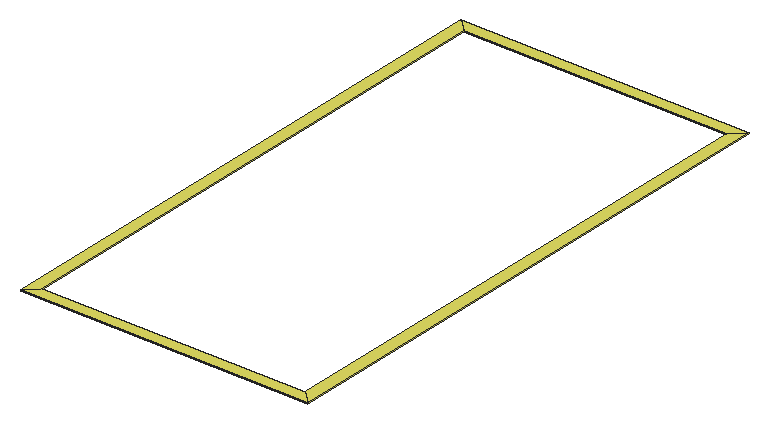
Revit family "Vaga de estacionamento padrão PBH", category Parking, Revit 2016
Family settings
  Work Plane-Based = No
  Always vertical = No
  Cut with Voids When Loaded = No
  Shared = No
Parameters (values of type "Padrão PBH")
  Padrão = yes
  PNE = no
  Faixa de estacionamento = Pintura faixa de transito
  Largura = 450 cm
  Altura = 230 cm
Types (2, lengths in cm): name | PNE | Altura
  Padrão PBH | no | 230
  PNE padrão PBH | yes | 350
Reference planes (cm)
  plane 1 "Center (Front/Back)": y = 0
  plane 2: z = 0
  plane 3 "Center (Left/Right)": x = 0
  plane 4: y = -30.48
Forms (cm)
  Sweep 1, solid, material "Pintura faixa de transito" <- "Faixa de estacionamento", visible <- "Padrão"
    path in 3D
      loop
        line (0, -450, 0) -> (230, -450, 0) -> (230, 0, 0) -> (0, 0, 0) -> (0, -450, 0)
    profile origin (0, -225, 0) x (1, 0, 0) y (0, 0, 1)
      loop
        line (-5.08, 0) -> (5.08, 0) -> (5.08, 0.3175) -> (-5.08, 0.3175) -> (-5.08, 0)
  Extrusion 2, solid, material "Pintura faixa de transito" <- "Faixa de estacionamento", visible <- "PNE"
    sketch origin (0, 0, 0) x (1, 0, 0) y (0, 1, 0)
      loop
        line (240, -5.08) -> (230, -5.08) -> (230, -444.92) -> (240, -444.92) -> (240, -5.08)
    from 0 to 0.5
  Extrusion 3, solid, material "Pintura faixa de transito" <- "Faixa de estacionamento", visible <- "PNE"
    sketch origin (0, 56.9619, 0) x (1, 0, 0) y (0, 1, 0)
      loop
        line (240, -124.1421) -> (302.1002, -62.0419) -> (287.9581, -62.0419) -> (240, -110) -> (240, -124.1421)
    from 0 to 0.5
  Extrusion 4, solid, material "Pintura faixa de transito" <- "Faixa de estacionamento", visible <- "PNE"
    sketch origin (0, -5.1383, 0) x (1, 0, 0) y (0, 1, 0)
      loop
        line (240, -124.1421) -> (344.92, -19.2221) -> (344.92, -5.08) -> (240, -110) -> (240, -124.1421)
    from 0 to 0.5
  Extrusion 5, solid, material "Pintura faixa de transito" <- "Faixa de estacionamento", visible <- "PNE"
    sketch origin (0, -67.2386, 0) x (1, 0, 0) y (0, 1, 0)
      loop
        line (240, -124.1421) -> (344.92, -19.2221) -> (344.92, -5.08) -> (240, -110) -> (240, -124.1421)
    from 0 to 0.5
  Extrusion 6, solid, material "Pintura faixa de transito" <- "Faixa de estacionamento", visible <- "PNE"
    sketch origin (0, -129.3388, 0) x (1, 0, 0) y (0, 1, 0)
      loop
        line (240, -124.1421) -> (344.92, -19.2221) -> (344.92, -5.08) -> (240, -110) -> (240, -124.1421)
    from 0 to 0.5
  Extrusion 7, solid, material "Pintura faixa de transito" <- "Faixa de estacionamento", visible <- "PNE"
    sketch origin (0, -191.4391, 0) x (1, 0, 0) y (0, 1, 0)
      loop
        line (240, -124.1421) -> (344.92, -19.2221) -> (344.92, -5.08) -> (240, -110) -> (240, -124.1421)
    from 0 to 0.5
  Extrusion 8, solid, material "Pintura faixa de transito" <- "Faixa de estacionamento", visible <- "PNE"
    sketch origin (0, -253.5393, 0) x (1, 0, 0) y (0, 1, 0)
      loop
        line (240, -124.1421) -> (344.92, -19.2221) -> (344.92, -5.08) -> (240, -110) -> (240, -124.1421)
    from 0 to 0.5
  Extrusion 9, solid, material "Pintura faixa de transito" <- "Faixa de estacionamento", visible <- "PNE"
    sketch origin (0, -315.6395, 0) x (1, 0, 0) y (0, 1, 0)
      loop
        line (240, -124.1421) -> (344.92, -19.2221) -> (344.92, -5.08) -> (240, -110) -> (240, -124.1421)
    from 0 to 0.5
  Extrusion 10, solid, material "Pintura faixa de transito" <- "Faixa de estacionamento", visible <- "PNE"
    sketch origin (0, -377.7398, 0) x (1, 0, 0) y (0, 1, 0)
      loop
        line (344.92, -5.08) -> (282.8198, -67.1802) -> (296.9619, -67.1802) -> (344.92, -19.2221) -> (344.92, -5.08)
    from 0 to 0.5
  Extrusion 11, solid, material "Pintura faixa de transito" <- "Faixa de estacionamento", visible <- "PNE"
    sketch origin (-8, 10, 0) x (1, 0, 0) y (0, 1, 0)
      loop
        arc (99.2881, -201.8069) -> (88.9044, -270.9412) -> (158.6179, -276.177) r 47.6992
        line (158.6179, -276.177) -> (153.3437, -268.6447)
        arc (153.3437, -268.6447) -> (98.3396, -268.1097) -> (99.2881, -213.1112) r 38.7502
        line (99.2881, -213.1112) -> (99.2881, -201.8069)
      loop
        circle (114.4692, -174.4507) r 12
      loop
        line (103.6422, -245.6093) -> (149.0503, -245.6093) -> (165.5827, -281.0631) -> (185.2269, -271.9028) -> (181.2128, -263.2944) -> (171.3226, -267.9062) -> (153.8497, -230.4355) -> (125.2422, -230.4355) -> (125.2422, -215.8359) -> (147.1492, -215.8359) -> (147.1492, -205.1575) -> (139.6422, -205.1575) -> (125.2422, -205.1575) -> (125.2422, -190.2029) -> (103.6422, -190.2029) -> (103.6422, -245.6093)
    from 0 to 1
Lines and regions (cm)
  model lines, style "Parking"
    curve 1: line (230, 0, 0) -> (230, -450, 0)
    curve 2: line (230, 0, 0) -> (0, 0, 0)
  model lines, style "Parking Layout"
    curve 3: line (0, 0, 0) -> (0, -450, 0)
  sketch lines
    curve 4: line (0, 0, 0) -> (0, -450, 0)
    curve 5: line (230, 0, 0) -> (0, 0, 0)
    curve 6: line (230, 0, 0) -> (230, -450, 0)
    curve 8: line (230, -450, 0) -> (0, -450, 0)
  model lines
    curve 7: line (230, -450, 0) -> (0, -450, 0)
Text (cm)
  text "Desenvolvido por Fernando Goes\n\n@caradorevit" at (106.0315, -315.8811, -290.2972), in view "Vista 1"
Dimensions and locks (cm)
  "Altura": curve 3 to curve 2
  "Largura": curve 2 to curve 1
  Sweep 1 to Extrusion 2 sketch curve to Extrusion 2 sketch curve = 224.92 cm locked, 10 cm locked
  locked: curve 3 to plane 4 (angle 90.00°)
  locked: curve 1 to plane 4 (angle 90.00°)
  aligned and locked: plane 1 "Center (Front/Back)" to curve 1
  aligned and locked: plane 3 "Center (Left/Right)" to curve 2
  aligned and locked: plane 1 "Center (Front/Back)" to curve 3
  aligned and locked: Extrusion 2 sketch curve to Sweep 1
  aligned and locked: Sweep 1 to Extrusion 2 sketch curve
  aligned and locked: Extrusion 10 sketch curve to Sweep 1
  aligned and locked: Sweep 1 to Extrusion 3 sketch curve
  aligned and locked: Extrusion 11 sketch curve to Extrusion 11 sketch curve
Automatic sketch dimensions
  profile plane to Sweep 1 sketch curve = 5.08 cm
  Sweep 1 sketch curve to profile plane = 5.08 cm
  Sweep 1 sketch curve to Sweep 1 sketch curve = 0.3175 cm
  Extrusion 3 sketch curve to Extrusion 3 sketch curve = 47.9581 cm
  Extrusion 3 sketch curve to Extrusion 3 sketch curve = 14.1421 cm  (x2)
  Extrusion 4 sketch curve to Extrusion 4 sketch curve = 104.92 cm
  Extrusion 4 sketch curve to Extrusion 4 sketch curve = 14.1421 cm  (x2)
  Extrusion 4 sketch curve to Extrusion 4 sketch curve = 90.7779 cm
  Extrusion 5 sketch curve to Extrusion 5 sketch curve = 104.92 cm
  Extrusion 5 sketch curve to Extrusion 5 sketch curve = 14.1421 cm  (x2)
  Extrusion 5 sketch curve to Extrusion 5 sketch curve = 90.7779 cm
  Extrusion 6 sketch curve to Extrusion 6 sketch curve = 104.92 cm
  Extrusion 6 sketch curve to Extrusion 6 sketch curve = 14.1421 cm  (x2)
  Extrusion 6 sketch curve to Extrusion 6 sketch curve = 90.7779 cm
  Extrusion 7 sketch curve to Extrusion 7 sketch curve = 104.92 cm
  Extrusion 7 sketch curve to Extrusion 7 sketch curve = 14.1421 cm  (x2)
  Extrusion 7 sketch curve to Extrusion 7 sketch curve = 90.7779 cm
  Extrusion 8 sketch curve to Extrusion 8 sketch curve = 104.92 cm
  Extrusion 8 sketch curve to Extrusion 8 sketch curve = 14.1421 cm  (x2)
  Extrusion 8 sketch curve to Extrusion 8 sketch curve = 90.7779 cm
  Extrusion 9 sketch curve to Extrusion 9 sketch curve = 104.92 cm
  Extrusion 9 sketch curve to Extrusion 9 sketch curve = 14.1421 cm  (x2)
  Extrusion 9 sketch curve to Extrusion 9 sketch curve = 90.7779 cm
  Extrusion 10 sketch curve to Extrusion 10 sketch curve = 14.1421 cm  (x2)
  Extrusion 3 sketch curve to plane 4 = 22.5581 cm
  plane 3 "Center (Left/Right)" to Extrusion 3 sketch curve = 240 cm
  Extrusion 4 sketch curve to plane 4 = 84.6583 cm
  plane 3 "Center (Left/Right)" to Extrusion 4 sketch curve = 240 cm
  plane 3 "Center (Left/Right)" to Extrusion 5 sketch curve = 240 cm
  Extrusion 5 sketch curve to plane 4 = 160.9007 cm
  plane 3 "Center (Left/Right)" to Extrusion 6 sketch curve = 240 cm
  Extrusion 6 sketch curve to plane 4 = 223.0009 cm
  plane 3 "Center (Left/Right)" to Extrusion 7 sketch curve = 240 cm
  Extrusion 7 sketch curve to plane 4 = 285.1012 cm
  plane 3 "Center (Left/Right)" to Extrusion 8 sketch curve = 240 cm
  Extrusion 8 sketch curve to plane 4 = 347.2014 cm
  plane 3 "Center (Left/Right)" to Extrusion 9 sketch curve = 240 cm
  Extrusion 9 sketch curve to plane 4 = 409.3017 cm
  plane 3 "Center (Left/Right)" to Extrusion 10 sketch curve = 282.8198 cm
  Extrusion 10 sketch curve to Extrusion 10 sketch curve = 47.9581 cm  (x2)
  Extrusion 11 sketch curve to Extrusion 11 sketch curve = 0.0847 cm
  Extrusion 11 sketch curve to Extrusion 11 sketch curve = 0.1135 cm
  plane 3 "Center (Left/Right)" to Extrusion 11 sketch curve = 91.2881 cm
  Extrusion 11 sketch curve to Extrusion 11 sketch curve = 4.3541 cm
  Extrusion 11 sketch curve to Extrusion 11 sketch curve = 10.827 cm
  Extrusion 11 sketch curve to Extrusion 11 sketch curve = 22.5497 cm
  Extrusion 11 sketch curve to Extrusion 11 sketch curve = 0.9497 cm
  Extrusion 11 sketch curve to Extrusion 11 sketch curve = 14.4 cm
  Extrusion 11 sketch curve to Extrusion 11 sketch curve = 22.8585 cm
  Extrusion 11 sketch curve to Extrusion 11 sketch curve = 4.7994 cm
  Extrusion 11 sketch curve to Extrusion 11 sketch curve = 4.2934 cm
  Extrusion 11 sketch curve to Extrusion 11 sketch curve = 5.2742 cm
  Extrusion 11 sketch curve to Extrusion 11 sketch curve = 7.507 cm
  Extrusion 11 sketch curve to Extrusion 11 sketch curve = 6.9648 cm
  Extrusion 11 sketch curve to Extrusion 11 sketch curve = 17.9788 cm
  Extrusion 11 sketch curve to Extrusion 11 sketch curve = 9.8902 cm
  Extrusion 11 sketch curve to Extrusion 11 sketch curve = 4.0142 cm
  Extrusion 11 sketch curve to plane 4 = 240.5831 cm
  Extrusion 11 sketch curve to Extrusion 11 sketch curve = 4.8861 cm
  Extrusion 11 sketch curve to Extrusion 11 sketch curve = 9.1603 cm
  Extrusion 11 sketch curve to Extrusion 11 sketch curve = 7.5324 cm
  Extrusion 11 sketch curve to Extrusion 11 sketch curve = 10.6456 cm
  Extrusion 11 sketch curve to Extrusion 11 sketch curve = 14.5997 cm
  Extrusion 11 sketch curve to Extrusion 11 sketch curve = 10.6784 cm
  Extrusion 11 sketch curve to Extrusion 11 sketch curve = 11.6039 cm
  Extrusion 11 sketch curve to Extrusion 11 sketch curve = 15.7522 cm
  radius of Extrusion 11 sketch curve = 12 cm
